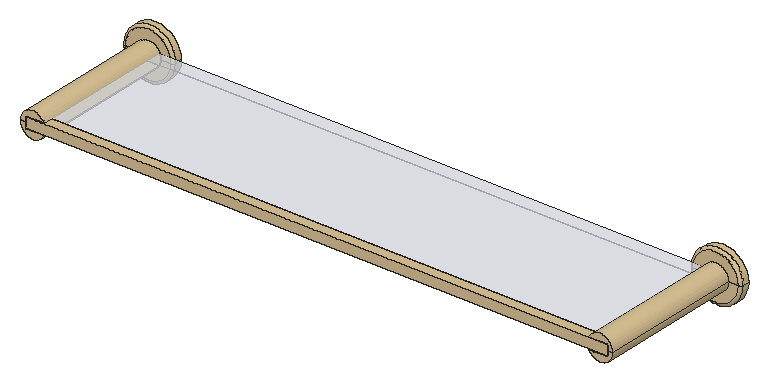
Revit family "Reece_Accessory_Mizu_Drift_Glass Shelf", category Plumbing Fixtures, Revit 2018
Family settings
  Round Connector Dimension = Use Diameter
  Part Type = Normal
  Work Plane-Based = Yes
  Always vertical = Yes
  Cut with Voids When Loaded = Yes
  Shared = Yes
  Room Calculation Point = Yes
Parameters (values of type "485mm_Brushed Brass_Glass")
  URL = "https://www.reece.com.au/product/-9512446"
  Type Comments = "Accessory"
  Reece_Product_Web Page = "https://www.reece.com.au/product/-9512446"
  Reece_Product_Type = "Accessory"  # constant formula
  Reece_Product_Sub Brand = "Drift"  # constant formula
  Reece_Product_Number = "9512446"
  Reece_Product_Mount = "Wall Mounted"  # constant formula
  Reece_Product_Description = "Mizu Drift Glass Shelf Brushed Brass"
  Reece_Product_Brand = "Mizu"  # constant formula
  Reece_Overall_Length = 485 mm
  Reece_Material_Secondary = Reece_Safety Glass_Transparent
  Reece_Material_Main = Reece_Brass_Brushed
  Reece_Fixing Point Distance = 445 mm
  Reece_Detail_Shape = ""
  Reece_Detail_Installation = ""
  Reece_Detail_Disclaimer = "THIS FILE IS THE PROPERTY OF THE REECE GROUP. IT MAY NOT BE REPRODUCED, REVERSE-ENGINEERED, OR MODIFIED. ANY REPUBLICATION, TRANSMISSION, OR DISTRIBUTION FOR THE PURPOSE OF COMMERCIALLY EXPLOITING THE FILES IS PROHIBITED."  # constant formula
  Reece_Detail_Connector = ""
  Reece_Detail_Additional = "485mm"
  Reece_Backplate Radius = 20 mm
  Reece_Accessory_Projection = 120 mm
  Model = "Drift"
  Manufacturer = "Mizu"
  Keynote = "Product #9512446, Reece_Accessory_Mizu_Drift_Glass Shelf - 485mm_Brushed Brass_Glass"
  Disclaimer = "THIS FILE IS THE PROPERTY OF THE REECE GROUP. IT MAY NOT BE REPRODUCED, REVERSE-ENGINEERED, OR MODIFIED. ANY REPUBLICATION, TRANSMISSION, OR DISTRIBUTION FOR THE PURPOSE OF COMMERCIALLY EXPLOITING THE FILES IS PROHIBITED."  # constant formula
  Description = "Mizu Drift Glass Shelf Brushed Brass"
  Default Elevation = 1000 mm
Types (6, lengths in mm): name | URL | Reece_Product_Web Page | Reece_Product_Number | Reece_Product_Description | Reece_Overall_Length | Reece_Material_Main | Reece_Fixing Point Distance | Reece_Detail_Additional | Reece_Backplate Radius | Reece_Accessory_Projection | Keynote | Description | Default Elevation
  485mm_Brushed Nickel_Glass | "https://www.reece.com.au/product/-9508235" | "https://www.reece.com.au/product/-9508235" | "9508235" | "Mizu Drift Glass Shelf Brushed Nickel" | 485 | Reece_Brass_Brushed Nickel | 445 | "485mm" | 20 | 120 | "Product #9508235, Reece_Accessory_Mizu_Drift_Glass Shelf - 485mm_Brushed Nickel_Glass" | "Mizu Drift Glass Shelf Brushed Nickel" | 0
  485mm_Chrome_Glass | "https://www.reece.com.au/product/-2202027" | "https://www.reece.com.au/product/-2202027" | "2202027" | "Mizu Drift Glass Shelf Chrome" | 485 | Reece_Brass_Chrome | 445 | "485mm" | 20 | 120 | "Product #2202027, Reece_Accessory_Mizu_Drift_Glass Shelf - 485mm_Chrome_Glass" | "Mizu Drift Glass Shelf Chrome" | 0
  485mm_Matte Black_Glass | "https://www.reece.com.au/product/-9506778" | "https://www.reece.com.au/product/-9506778" | "9506778" | "Mizu Drift Glass Shelf Matte Black" | 485 | Reece_Brass_Matte Black | 445 | "485mm" | 20 | 120 | "Product #9506778, Reece_Accessory_Mizu_Drift_Glass Shelf - 485mm_Matte Black_Glass" | "Mizu Drift Glass Shelf Matte Black" | 0
  370mm_Matte Black_Glass | "https://www.reece.com.au/product/-2202543" | "https://www.reece.com.au/product/-2202543" | "2202543" | "Mizu Drift Glass Shelf 370mm Matte Black" | 368 | Reece_Brass_Matte Black | 327.6 | "370mm" | 19.8 | 122 | "Product #2202543, Reece_Accessory_Mizu_Drift_Glass Shelf - 370mm_Matte Black_Glass" | "Mizu Drift Glass Shelf 370mm Matte Black" | 0
  485mm_Brushed Gunmetal_Glass | "https://www.reece.com.au/product/-2217442" | "https://www.reece.com.au/product/-2217442" | "2217442" | "Mizu Drift Glass Shelf Brushed Gunmetal" | 485 | Reece_Brass_Brushed Gunmetal | 445 | "485mm" | 20 | 120 | "Product #2217442, Reece_Accessory_Mizu_Drift_Glass Shelf - 485mm_Brushed Gunmetal_Glass" | "Mizu Drift Glass Shelf Brushed Gunmetal" | 0
  485mm_Brushed Brass_Glass | "https://www.reece.com.au/product/-9512446" | "https://www.reece.com.au/product/-9512446" | "9512446" | "Mizu Drift Glass Shelf Brushed Brass" | 485 | Reece_Brass_Brushed | 445 | "485mm" | 20 | 120 | "Product #9512446, Reece_Accessory_Mizu_Drift_Glass Shelf - 485mm_Brushed Brass_Glass" | "Mizu Drift Glass Shelf Brushed Brass" | 1000
Reference planes
  plane 1 "Center (Front/Back)": y = 0
  plane 2 "Bottom Host Plane": z = 0
  plane 3 "Center (Left/Right)": x = 0
  plane 4: x = -222.5
  plane 5: x = 222.5
Forms (mm)
  Revolve 1, solid, material "Reece_Brass_Brushed" <- "Reece_Material_Main"
    sketch origin (720, 0, -4) x (1, 0, 0) y (0, 1, 0)
      loop
        line (-497.5, 0) -> (-497.5, -120) -> (-487.5, -120) -> (-487.5, -7) -> (-479.5, -7)
        arc (-479.5, -7) -> (-478.086, -6.414) -> (-477.5, -5) r 2
        line (-477.5, -5) -> (-477.5, 0) -> (-497.5, 0)
      axis (-497.5, 0) -> (-497.5, -120)
    angle from 0 to 360
  Extrusion 2, solid, material "Reece_Brass_Brushed" <- "Reece_Material_Main"
    sketch origin (97.81, 0, -4) x (0, 1, 0) y (0, 0, 1)
      loop
        line (-120, 4) -> (-120, -4) -> (-112, -4) -> (-112, 4) -> (-120, 4)
    from -325.81 to 130.19
  Extrusion 3, solid, material "Reece_Safety Glass_Transparent" <- "Reece_Material_Secondary"
    sketch origin (0, 0, -4) x (0, 1, 0) y (0, 0, 1)
      loop
        line (-112, 4) -> (-112, -4) -> (-7, -4) -> (-7, 4) -> (-112, 4)
    from -228 to 228
  Revolve 4, solid, material "Reece_Brass_Brushed" <- "Reece_Material_Main"
    sketch origin (-720, 0, -4) x (-1, 0, 0) y (0, -1, 0)
      loop
        line (-497.5, 0) -> (-477.5, 0) -> (-477.5, 5)
        arc (-477.5, 5) -> (-478.086, 6.414) -> (-479.5, 7) r 2
        line (-479.5, 7) -> (-487.5, 7) -> (-487.5, 120) -> (-497.5, 120) -> (-497.5, 0)
      axis (-497.5, 0) -> (-497.5, 120)
    angle from 0 to 360
  Extrusion 5, void
    sketch origin (0, 0, -4) x (1, 0, 0) y (0, 0, 1)
      loop
        line (228.5, 4.5) -> (198.5, 4.5) -> (198.5, -4.5) -> (228.5, -4.5) -> (228.5, 4.5)
      loop
        line (-228.5, 4.5) -> (-228.5, -4.5) -> (-198.5, -4.5) -> (-198.5, 4.5) -> (-228.5, 4.5)
    from 7.2 to 120 <- "Reece_Accessory_Projection"
Cuts and joins
  Extrusion 5 cuts Revolve 1
  Extrusion 5 cuts Revolve 4
Text (mm)
  text "Reece ©" at (2990.864, -2445.266, 2580.682), in view "Reece Preview"
  text "Reece ©" at (480.382, -277.313, -1020.679), in view "Ref. Level"
Dimensions and locks
  "Reece_Fixing Point Distance": plane 4 to plane 5
  equal spacing: plane 4, plane 3 "Center (Left/Right)", plane 5
  locked: plane 2 "Bottom Host Plane" to level
  Extrusion 5 sketch curve to Extrusion 5 sketch curve = 9 mm  (x2)
  locked: Extrusion 5 sketch curve to Extrusion 5 sketch curve at 30  (x2)
  locked: Extrusion 2 sketch curve to Extrusion 2 sketch curve at 8  (x2)
  "Reece_Accessory_Projection": plane 1 "Center (Front/Back)" to Extrusion 2 sketch curve
  locked: Revolve 4 sketch curve to Revolve 4 sketch curve at 10
  "Reece_Backplate Radius": Revolve 4 sketch curve to Revolve 4 sketch curve
  "Reece_Accessory_Projection": Revolve 4 sketch curve to plane 1 "Center (Front/Back)"
  locked: Revolve 1 sketch curve to Revolve 1 sketch curve at 10
  "Reece_Backplate Radius": Revolve 1 sketch curve to Revolve 1 sketch curve
  "Reece_Accessory_Projection": Revolve 1 sketch curve to plane 1 "Center (Front/Back)"
  locked: plane 4 to Extrusion 5 sketch curve at 6
  locked: plane 5 to Extrusion 5 sketch curve at 6
  locked: plane 5 to Extrusion 2 at 5.5
  locked: Extrusion 2 to plane 4 at 5.5
  aligned and locked: Extrusion 3 to Extrusion 2  (x2)
  aligned and locked: Extrusion 2 to Extrusion 3  (x2)
  aligned and locked: level to Extrusion 3
  aligned and locked: Revolve 4 sketch curve to Revolve 4 sketch curve
  aligned and locked: Revolve 1 sketch curve to Revolve 1 sketch curve
  aligned and locked: plane 5 to Revolve 1 sketch curve
Automatic sketch dimensions
  Extrusion 3 sketch curve to level = 0 mm
  Extrusion 3 sketch curve to level = 8 mm
  plane 1 "Center (Front/Back)" to Extrusion 3 sketch curve = 112 mm
  plane 1 "Center (Front/Back)" to Extrusion 3 sketch curve = 7 mm
  level to Extrusion 5 sketch curve = 0.5 mm  (x2)
  Extrusion 5 sketch curve to level = 8.5 mm  (x2)
  plane 1 "Center (Front/Back)" to Revolve 1 sketch curve = 0 mm  (x2)
  Revolve 1 sketch curve to Revolve 1 sketch curve = 2 mm
  plane 1 "Center (Front/Back)" to Revolve 1 sketch curve = 7 mm
  Revolve 1 sketch curve to Revolve 1 sketch curve = 90 mm
  Extrusion 2 sketch curve to level = 0 mm
  Revolve 4 sketch curve to plane 4 = 0 mm
  plane 1 "Center (Front/Back)" to Revolve 4 sketch curve = 0 mm  (x2)
  Revolve 4 sketch curve to Revolve 4 sketch curve = 2 mm
  plane 1 "Center (Front/Back)" to Revolve 4 sketch curve = 5 mm
  Revolve 4 sketch curve to Revolve 4 sketch curve = 90 mm
